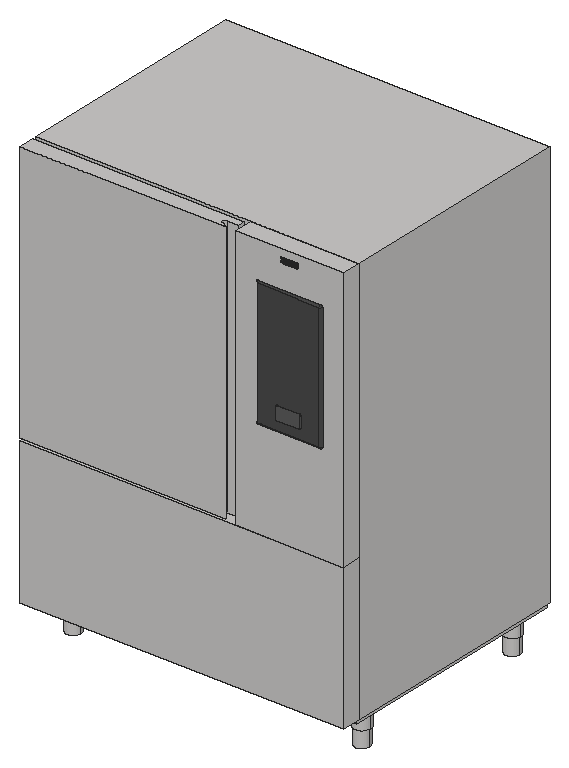
Revit family "QF_ZANUSSI_110549_ZBFA12E", category Specialty Equipment, Revit 2018 (continued)
Automatic sketch dimensions
  Split face 56 sketch curve to Split face 56 sketch curve = 4.974 mm
  Split face 57 sketch curve to Extrusion 4 = 150.022 mm
  Split face 57 sketch curve to Split face 57 sketch curve = 110.016 mm
  Split face 57 sketch curve to Extrusion 4 = 176 mm
  Split face 57 sketch curve to Split face 57 sketch curve = 4.974 mm
  Split face 58 sketch curve to Extrusion 4 = 150.022 mm
  Split face 58 sketch curve to Split face 58 sketch curve = 110.016 mm
  Split face 58 sketch curve to Extrusion 4 = 185.5 mm
  Split face 58 sketch curve to Split face 58 sketch curve = 4.974 mm
  Split face 59 sketch curve to Extrusion 4 = 150.022 mm
  Split face 59 sketch curve to Split face 59 sketch curve = 110.016 mm
  Split face 59 sketch curve to Extrusion 4 = 195 mm
  Split face 59 sketch curve to Split face 59 sketch curve = 4.974 mm
  Split face 60 sketch curve to Extrusion 4 = 150.022 mm
  Split face 60 sketch curve to Split face 60 sketch curve = 110.016 mm
  Split face 60 sketch curve to Extrusion 4 = 204.5 mm
  Split face 60 sketch curve to Split face 60 sketch curve = 4.974 mm
  Split face 61 sketch curve to Extrusion 4 = 150.022 mm
  Split face 61 sketch curve to Split face 61 sketch curve = 110.016 mm
  Split face 61 sketch curve to Extrusion 4 = 214 mm
  Split face 61 sketch curve to Split face 61 sketch curve = 4.974 mm
  Split face 62 sketch curve to Extrusion 4 = 150.022 mm
  Split face 62 sketch curve to Split face 62 sketch curve = 110.016 mm
  Split face 62 sketch curve to Extrusion 4 = 223.5 mm
  Split face 62 sketch curve to Split face 62 sketch curve = 4.974 mm
  Split face 63 sketch curve to Extrusion 4 = 150.022 mm
  Split face 63 sketch curve to Split face 63 sketch curve = 110.016 mm
  Split face 63 sketch curve to Extrusion 4 = 233.001 mm
  Split face 63 sketch curve to Split face 63 sketch curve = 4.974 mm
  Split face 64 sketch curve to Extrusion 4 = 150.022 mm
  Split face 64 sketch curve to Split face 64 sketch curve = 110.016 mm
  Split face 64 sketch curve to Extrusion 4 = 242.501 mm
  Split face 64 sketch curve to Split face 64 sketch curve = 4.974 mm
  Split face 65 sketch curve to Extrusion 4 = 150.022 mm
  Split face 65 sketch curve to Split face 65 sketch curve = 110.016 mm
  Split face 65 sketch curve to Extrusion 4 = 252.001 mm
  Split face 65 sketch curve to Split face 65 sketch curve = 4.974 mm
  Split face 66 sketch curve to Extrusion 4 = 150.022 mm
  Split face 66 sketch curve to Split face 66 sketch curve = 110.016 mm
  Split face 66 sketch curve to Extrusion 4 = 261.501 mm
  Split face 66 sketch curve to Split face 66 sketch curve = 4.974 mm
  Split face 67 sketch curve to Extrusion 4 = 150.022 mm
  Split face 67 sketch curve to Split face 67 sketch curve = 110.016 mm
  Split face 67 sketch curve to Extrusion 4 = 271.001 mm
  Split face 67 sketch curve to Split face 67 sketch curve = 4.974 mm
  Split face 68 sketch curve to Extrusion 4 = 150.022 mm
  Split face 68 sketch curve to Split face 68 sketch curve = 110.016 mm
  Split face 68 sketch curve to Extrusion 4 = 279.479 mm
  Split face 68 sketch curve to Split face 68 sketch curve = 4.974 mm
  Split face 69 sketch curve to Extrusion 4 = 150.022 mm
  Split face 69 sketch curve to Split face 69 sketch curve = 110.016 mm
  Split face 69 sketch curve to Extrusion 4 = 269.979 mm
  Split face 69 sketch curve to Split face 69 sketch curve = 4.974 mm
  Split face 70 sketch curve to Extrusion 4 = 150.022 mm
  Split face 70 sketch curve to Split face 70 sketch curve = 110.016 mm
  Split face 70 sketch curve to Extrusion 4 = 260.479 mm
  Split face 70 sketch curve to Split face 70 sketch curve = 4.974 mm
  Split face 71 sketch curve to Extrusion 4 = 150.022 mm
  Split face 71 sketch curve to Split face 71 sketch curve = 110.016 mm
  Split face 71 sketch curve to Extrusion 4 = 250.978 mm
  Split face 71 sketch curve to Split face 71 sketch curve = 4.974 mm
  Split face 72 sketch curve to Extrusion 4 = 150.022 mm
  Split face 72 sketch curve to Split face 72 sketch curve = 110.016 mm
  Split face 72 sketch curve to Extrusion 4 = 241.478 mm
  Split face 72 sketch curve to Split face 72 sketch curve = 4.974 mm
  Split face 73 sketch curve to Extrusion 4 = 150.022 mm
  Split face 73 sketch curve to Split face 73 sketch curve = 110.016 mm
  Split face 73 sketch curve to Extrusion 4 = 231.978 mm
  Split face 73 sketch curve to Split face 73 sketch curve = 4.974 mm
  Split face 74 sketch curve to Extrusion 4 = 150.022 mm
  Split face 74 sketch curve to Split face 74 sketch curve = 110.016 mm
  Split face 74 sketch curve to Extrusion 4 = 222.478 mm
  Split face 74 sketch curve to Split face 74 sketch curve = 4.974 mm
  Split face 75 sketch curve to Extrusion 4 = 150.022 mm
  Split face 75 sketch curve to Split face 75 sketch curve = 110.016 mm
  Split face 75 sketch curve to Extrusion 4 = 212.978 mm
  Split face 75 sketch curve to Split face 75 sketch curve = 4.974 mm
  Split face 76 sketch curve to Extrusion 4 = 150.022 mm
  Split face 76 sketch curve to Split face 76 sketch curve = 110.016 mm
  Split face 76 sketch curve to Extrusion 4 = 203.478 mm
  Split face 76 sketch curve to Split face 76 sketch curve = 4.974 mm
  Split face 77 sketch curve to Extrusion 4 = 150.022 mm
  Split face 77 sketch curve to Split face 77 sketch curve = 110.016 mm
  Split face 77 sketch curve to Extrusion 4 = 193.978 mm
  Split face 77 sketch curve to Split face 77 sketch curve = 4.974 mm
  Split face 78 sketch curve to Extrusion 4 = 150.022 mm
  Split face 78 sketch curve to Split face 78 sketch curve = 110.016 mm
  Split face 78 sketch curve to Extrusion 4 = 184.478 mm
  Split face 78 sketch curve to Split face 78 sketch curve = 4.974 mm
  Split face 79 sketch curve to Extrusion 4 = 150.022 mm
  Split face 79 sketch curve to Split face 79 sketch curve = 110.016 mm
  Split face 79 sketch curve to Extrusion 4 = 174.978 mm
  Split face 79 sketch curve to Split face 79 sketch curve = 4.974 mm
  Split face 80 sketch curve to Extrusion 4 = 150.022 mm
  Split face 80 sketch curve to Split face 80 sketch curve = 110.016 mm
  Split face 80 sketch curve to Extrusion 4 = 165.478 mm
  Split face 80 sketch curve to Split face 80 sketch curve = 4.974 mm
  Split face 81 sketch curve to Extrusion 4 = 150.022 mm
  Split face 81 sketch curve to Split face 81 sketch curve = 110.016 mm
  Split face 81 sketch curve to Extrusion 4 = 155.978 mm
  Split face 81 sketch curve to Split face 81 sketch curve = 4.974 mm
  Split face 82 sketch curve to Extrusion 4 = 150.022 mm
  Split face 82 sketch curve to Split face 82 sketch curve = 110.016 mm
  Split face 82 sketch curve to Extrusion 4 = 146.478 mm
  Split face 82 sketch curve to Split face 82 sketch curve = 4.974 mm
  Split face 83 sketch curve to Extrusion 4 = 33.499 mm
  Split face 83 sketch curve to Extrusion 4 = 270.014 mm
  Split face 83 sketch curve to Extrusion 4 = 28.525 mm
  Split face 83 sketch curve to Split face 83 sketch curve = 110.016 mm
  Split face 84 sketch curve to Extrusion 4 = 42.999 mm
  Split face 84 sketch curve to Extrusion 4 = 270.014 mm
  Split face 84 sketch curve to Extrusion 4 = 38.025 mm
  Split face 84 sketch curve to Split face 84 sketch curve = 110.016 mm
  Split face 85 sketch curve to Extrusion 4 = 52.499 mm
  Split face 85 sketch curve to Extrusion 4 = 270.014 mm
  Split face 85 sketch curve to Extrusion 4 = 47.525 mm
  Split face 85 sketch curve to Split face 85 sketch curve = 110.016 mm
  Split face 86 sketch curve to Extrusion 4 = 61.999 mm
  Split face 86 sketch curve to Extrusion 4 = 270.014 mm
  Split face 86 sketch curve to Split face 86 sketch curve = 110.016 mm
  Split face 86 sketch curve to Split face 86 sketch curve = 4.974 mm
  Split face 87 sketch curve to Extrusion 4 = 71.499 mm
  Split face 87 sketch curve to Extrusion 4 = 270.014 mm
  Split face 87 sketch curve to Split face 87 sketch curve = 110.016 mm
  Split face 87 sketch curve to Split face 87 sketch curve = 4.974 mm
  Split face 88 sketch curve to Extrusion 4 = 80.999 mm
  Split face 88 sketch curve to Extrusion 4 = 270.014 mm
  Split face 88 sketch curve to Split face 88 sketch curve = 110.016 mm
  Split face 88 sketch curve to Split face 88 sketch curve = 4.974 mm
  Split face 89 sketch curve to Extrusion 4 = 90.499 mm
  Split face 89 sketch curve to Extrusion 4 = 270.014 mm
  Split face 89 sketch curve to Split face 89 sketch curve = 110.016 mm
  Split face 89 sketch curve to Split face 89 sketch curve = 4.974 mm
  Split face 90 sketch curve to Extrusion 4 = 99.999 mm
  Split face 90 sketch curve to Extrusion 4 = 270.014 mm
  Split face 90 sketch curve to Split face 90 sketch curve = 110.016 mm
  Split face 90 sketch curve to Split face 90 sketch curve = 4.974 mm
  Split face 91 sketch curve to Extrusion 4 = 109.499 mm
  Split face 91 sketch curve to Extrusion 4 = 270.014 mm
  Split face 91 sketch curve to Split face 91 sketch curve = 110.016 mm
  Split face 91 sketch curve to Split face 91 sketch curve = 4.974 mm
  Split face 92 sketch curve to Extrusion 4 = 119 mm
  Split face 92 sketch curve to Extrusion 4 = 270.014 mm
  Split face 92 sketch curve to Split face 92 sketch curve = 110.016 mm
  Split face 92 sketch curve to Split face 92 sketch curve = 4.974 mm
  Split face 93 sketch curve to Extrusion 4 = 128.5 mm
  Split face 93 sketch curve to Extrusion 4 = 270.014 mm
  Split face 93 sketch curve to Split face 93 sketch curve = 110.016 mm
  Split face 93 sketch curve to Split face 93 sketch curve = 4.974 mm
  Split face 94 sketch curve to Extrusion 4 = 270.014 mm
  Split face 94 sketch curve to Split face 94 sketch curve = 110.016 mm
  Split face 94 sketch curve to Extrusion 4 = 138 mm
  Split face 94 sketch curve to Split face 94 sketch curve = 4.974 mm
  Split face 95 sketch curve to Extrusion 4 = 270.014 mm
  Split face 95 sketch curve to Split face 95 sketch curve = 110.016 mm
  Split face 95 sketch curve to Extrusion 4 = 147.5 mm
  Split face 95 sketch curve to Split face 95 sketch curve = 4.974 mm
  Split face 96 sketch curve to Extrusion 4 = 270.014 mm
  Split face 96 sketch curve to Split face 96 sketch curve = 110.016 mm
  Split face 96 sketch curve to Extrusion 4 = 157 mm
  Split face 96 sketch curve to Split face 96 sketch curve = 4.974 mm
  Split face 97 sketch curve to Extrusion 4 = 270.014 mm
  Split face 97 sketch curve to Split face 97 sketch curve = 110.016 mm
  Split face 97 sketch curve to Extrusion 4 = 166.5 mm
  Split face 97 sketch curve to Split face 97 sketch curve = 4.974 mm
  Split face 98 sketch curve to Extrusion 4 = 270.014 mm
  Split face 98 sketch curve to Split face 98 sketch curve = 110.016 mm
  Split face 98 sketch curve to Extrusion 4 = 176 mm
  Split face 98 sketch curve to Split face 98 sketch curve = 4.974 mm
  Split face 99 sketch curve to Extrusion 4 = 270.014 mm
  Split face 99 sketch curve to Split face 99 sketch curve = 110.016 mm
  Split face 99 sketch curve to Extrusion 4 = 185.5 mm
  Split face 99 sketch curve to Split face 99 sketch curve = 4.974 mm
  Split face 100 sketch curve to Extrusion 4 = 270.014 mm
  Split face 100 sketch curve to Split face 100 sketch curve = 110.016 mm
  Split face 100 sketch curve to Extrusion 4 = 195 mm
  Split face 100 sketch curve to Split face 100 sketch curve = 4.974 mm
  Split face 101 sketch curve to Extrusion 4 = 270.014 mm
  Split face 101 sketch curve to Split face 101 sketch curve = 110.016 mm
  Split face 101 sketch curve to Extrusion 4 = 204.5 mm
  Split face 101 sketch curve to Split face 101 sketch curve = 4.974 mm
  Split face 102 sketch curve to Extrusion 4 = 270.014 mm
  Split face 102 sketch curve to Split face 102 sketch curve = 110.016 mm
  Split face 102 sketch curve to Extrusion 4 = 214 mm
  Split face 102 sketch curve to Split face 102 sketch curve = 4.974 mm
  Split face 103 sketch curve to Extrusion 4 = 270.014 mm
  Split face 103 sketch curve to Split face 103 sketch curve = 110.016 mm
  Split face 103 sketch curve to Extrusion 4 = 223.5 mm
  Split face 103 sketch curve to Split face 103 sketch curve = 4.974 mm
  Split face 104 sketch curve to Extrusion 4 = 270.014 mm
  Split face 104 sketch curve to Split face 104 sketch curve = 110.016 mm
  Split face 104 sketch curve to Extrusion 4 = 233.001 mm
  Split face 104 sketch curve to Split face 104 sketch curve = 4.974 mm
  Split face 105 sketch curve to Extrusion 4 = 270.014 mm
  Split face 105 sketch curve to Split face 105 sketch curve = 110.016 mm
  Split face 105 sketch curve to Extrusion 4 = 242.501 mm
  Split face 105 sketch curve to Split face 105 sketch curve = 4.974 mm
  Split face 106 sketch curve to Extrusion 4 = 270.014 mm
  Split face 106 sketch curve to Split face 106 sketch curve = 110.016 mm
  Split face 106 sketch curve to Extrusion 4 = 252.001 mm
  Split face 106 sketch curve to Split face 106 sketch curve = 4.974 mm
  Split face 107 sketch curve to Extrusion 4 = 270.014 mm
  Split face 107 sketch curve to Split face 107 sketch curve = 110.016 mm
  Split face 107 sketch curve to Extrusion 4 = 261.501 mm
  Split face 107 sketch curve to Split face 107 sketch curve = 4.974 mm
  Split face 108 sketch curve to Extrusion 4 = 270.014 mm
  Split face 108 sketch curve to Split face 108 sketch curve = 110.016 mm
  Split face 108 sketch curve to Extrusion 4 = 271.001 mm
  Split face 108 sketch curve to Split face 108 sketch curve = 4.974 mm
  Split face 109 sketch curve to Extrusion 4 = 270.014 mm
  Split face 109 sketch curve to Split face 109 sketch curve = 110.016 mm
  Split face 109 sketch curve to Extrusion 4 = 279.479 mm
  Split face 109 sketch curve to Split face 109 sketch curve = 4.974 mm
  Split face 110 sketch curve to Extrusion 4 = 270.014 mm
  Split face 110 sketch curve to Split face 110 sketch curve = 110.016 mm
  Split face 110 sketch curve to Extrusion 4 = 269.979 mm
  Split face 110 sketch curve to Split face 110 sketch curve = 4.974 mm
  Split face 111 sketch curve to Extrusion 4 = 270.014 mm
  Split face 111 sketch curve to Split face 111 sketch curve = 110.016 mm
  Split face 111 sketch curve to Extrusion 4 = 260.479 mm
  Split face 111 sketch curve to Split face 111 sketch curve = 4.974 mm
  Split face 112 sketch curve to Extrusion 4 = 270.014 mm
  Split face 112 sketch curve to Split face 112 sketch curve = 110.016 mm
  Split face 112 sketch curve to Extrusion 4 = 250.978 mm
  Split face 112 sketch curve to Split face 112 sketch curve = 4.974 mm
  Split face 113 sketch curve to Extrusion 4 = 270.014 mm
  Split face 113 sketch curve to Split face 113 sketch curve = 110.016 mm
  Split face 113 sketch curve to Extrusion 4 = 241.478 mm
  Split face 113 sketch curve to Split face 113 sketch curve = 4.974 mm
  Split face 114 sketch curve to Extrusion 4 = 270.014 mm
  Split face 114 sketch curve to Split face 114 sketch curve = 110.016 mm
  Split face 114 sketch curve to Extrusion 4 = 231.978 mm
  Split face 114 sketch curve to Split face 114 sketch curve = 4.974 mm
  Split face 115 sketch curve to Extrusion 4 = 270.014 mm
  Split face 115 sketch curve to Split face 115 sketch curve = 110.016 mm
  Split face 115 sketch curve to Extrusion 4 = 222.478 mm
  Split face 115 sketch curve to Split face 115 sketch curve = 4.974 mm
  Split face 116 sketch curve to Extrusion 4 = 270.014 mm
  Split face 116 sketch curve to Split face 116 sketch curve = 110.016 mm
  Split face 116 sketch curve to Extrusion 4 = 212.978 mm
  Split face 116 sketch curve to Split face 116 sketch curve = 4.974 mm
  Split face 117 sketch curve to Extrusion 4 = 270.014 mm
  Split face 117 sketch curve to Split face 117 sketch curve = 110.016 mm
  Split face 117 sketch curve to Extrusion 4 = 203.478 mm
  Split face 117 sketch curve to Split face 117 sketch curve = 4.974 mm
  Split face 118 sketch curve to Extrusion 4 = 270.014 mm
  Split face 118 sketch curve to Split face 118 sketch curve = 110.016 mm
  Split face 118 sketch curve to Extrusion 4 = 193.978 mm
  Split face 118 sketch curve to Split face 118 sketch curve = 4.974 mm
  Split face 119 sketch curve to Extrusion 4 = 270.014 mm
  Split face 119 sketch curve to Split face 119 sketch curve = 110.016 mm
  Split face 119 sketch curve to Extrusion 4 = 184.478 mm
  Split face 119 sketch curve to Split face 119 sketch curve = 4.974 mm
  Split face 120 sketch curve to Extrusion 4 = 270.014 mm
  Split face 120 sketch curve to Split face 120 sketch curve = 110.016 mm
  Split face 120 sketch curve to Extrusion 4 = 174.978 mm
  Split face 120 sketch curve to Split face 120 sketch curve = 4.974 mm
  Split face 121 sketch curve to Extrusion 4 = 270.014 mm
  Split face 121 sketch curve to Split face 121 sketch curve = 110.016 mm
  Split face 121 sketch curve to Extrusion 4 = 165.478 mm
  Split face 121 sketch curve to Split face 121 sketch curve = 4.974 mm
  Split face 122 sketch curve to Extrusion 4 = 270.014 mm
  Split face 122 sketch curve to Split face 122 sketch curve = 110.016 mm
  Split face 122 sketch curve to Extrusion 4 = 155.978 mm
  Split face 122 sketch curve to Split face 122 sketch curve = 4.974 mm
  Split face 123 sketch curve to Extrusion 4 = 270.014 mm
  Split face 123 sketch curve to Split face 123 sketch curve = 110.016 mm
  Split face 123 sketch curve to Extrusion 4 = 146.478 mm
  Split face 123 sketch curve to Split face 123 sketch curve = 4.974 mm
  Split face 124 sketch curve to Extrusion 4 = 33.499 mm
  Split face 124 sketch curve to Extrusion 4 = 390.005 mm
  Split face 124 sketch curve to Extrusion 4 = 28.525 mm
  Split face 124 sketch curve to Split face 124 sketch curve = 110.016 mm
  Split face 125 sketch curve to Extrusion 4 = 42.999 mm
  Split face 125 sketch curve to Extrusion 4 = 390.005 mm
  Split face 125 sketch curve to Extrusion 4 = 38.025 mm
  Split face 125 sketch curve to Split face 125 sketch curve = 110.016 mm
  Split face 126 sketch curve to Extrusion 4 = 52.499 mm
  Split face 126 sketch curve to Extrusion 4 = 390.005 mm
  Split face 126 sketch curve to Extrusion 4 = 47.525 mm
  Split face 126 sketch curve to Split face 126 sketch curve = 110.016 mm
  Split face 127 sketch curve to Extrusion 4 = 61.999 mm
  Split face 127 sketch curve to Extrusion 4 = 390.005 mm
  Split face 127 sketch curve to Split face 127 sketch curve = 110.016 mm
  Split face 127 sketch curve to Split face 127 sketch curve = 4.974 mm
  Split face 128 sketch curve to Extrusion 4 = 71.499 mm
  Split face 128 sketch curve to Extrusion 4 = 390.005 mm
  Split face 128 sketch curve to Split face 128 sketch curve = 110.016 mm
  Split face 128 sketch curve to Split face 128 sketch curve = 4.974 mm
  Split face 129 sketch curve to Extrusion 4 = 80.999 mm
  Split face 129 sketch curve to Extrusion 4 = 390.005 mm
  Split face 129 sketch curve to Split face 129 sketch curve = 110.016 mm
  Split face 129 sketch curve to Split face 129 sketch curve = 4.974 mm
  Split face 130 sketch curve to Extrusion 4 = 90.499 mm
  Split face 130 sketch curve to Extrusion 4 = 390.005 mm
  Split face 130 sketch curve to Split face 130 sketch curve = 110.016 mm
  Split face 130 sketch curve to Split face 130 sketch curve = 4.974 mm
  Split face 131 sketch curve to Extrusion 4 = 99.999 mm
  Split face 131 sketch curve to Extrusion 4 = 390.005 mm
  Split face 131 sketch curve to Split face 131 sketch curve = 110.016 mm
  Split face 131 sketch curve to Split face 131 sketch curve = 4.974 mm
  Split face 132 sketch curve to Extrusion 4 = 109.499 mm
  Split face 132 sketch curve to Extrusion 4 = 390.005 mm
  Split face 132 sketch curve to Split face 132 sketch curve = 110.016 mm
  Split face 132 sketch curve to Split face 132 sketch curve = 4.974 mm
  Split face 133 sketch curve to Extrusion 4 = 119 mm
  Split face 133 sketch curve to Extrusion 4 = 390.005 mm
  Split face 133 sketch curve to Split face 133 sketch curve = 110.016 mm
  Split face 133 sketch curve to Split face 133 sketch curve = 4.974 mm
  Split face 134 sketch curve to Extrusion 4 = 128.5 mm
  Split face 134 sketch curve to Extrusion 4 = 390.005 mm
  Split face 134 sketch curve to Split face 134 sketch curve = 110.016 mm
  Split face 134 sketch curve to Split face 134 sketch curve = 4.974 mm
  Split face 135 sketch curve to Extrusion 4 = 138 mm
  Split face 135 sketch curve to Extrusion 4 = 390.005 mm
  Split face 135 sketch curve to Split face 135 sketch curve = 110.016 mm
  Split face 135 sketch curve to Split face 135 sketch curve = 4.974 mm
  Split face 136 sketch curve to Extrusion 4 = 147.5 mm
  Split face 136 sketch curve to Extrusion 4 = 390.005 mm
  Split face 136 sketch curve to Split face 136 sketch curve = 110.016 mm
  Split face 136 sketch curve to Split face 136 sketch curve = 4.974 mm
  Split face 137 sketch curve to Extrusion 4 = 157 mm
  Split face 137 sketch curve to Extrusion 4 = 390.005 mm
  Split face 137 sketch curve to Split face 137 sketch curve = 110.016 mm
  Split face 137 sketch curve to Split face 137 sketch curve = 4.974 mm
  Split face 138 sketch curve to Extrusion 4 = 166.5 mm
  Split face 138 sketch curve to Extrusion 4 = 390.005 mm
  Split face 138 sketch curve to Split face 138 sketch curve = 110.016 mm
  Split face 138 sketch curve to Split face 138 sketch curve = 4.974 mm
  Split face 139 sketch curve to Extrusion 4 = 176 mm
  Split face 139 sketch curve to Extrusion 4 = 390.005 mm
  Split face 139 sketch curve to Split face 139 sketch curve = 110.016 mm
  Split face 139 sketch curve to Split face 139 sketch curve = 4.974 mm
  Split face 140 sketch curve to Extrusion 4 = 185.5 mm
  Split face 140 sketch curve to Extrusion 4 = 390.005 mm
  Split face 140 sketch curve to Split face 140 sketch curve = 110.016 mm
  Split face 140 sketch curve to Split face 140 sketch curve = 4.974 mm
  Split face 141 sketch curve to Extrusion 4 = 195 mm
  Split face 141 sketch curve to Extrusion 4 = 390.005 mm
  Split face 141 sketch curve to Split face 141 sketch curve = 110.016 mm
  Split face 141 sketch curve to Split face 141 sketch curve = 4.974 mm
  Split face 142 sketch curve to Extrusion 4 = 390.005 mm
  Split face 142 sketch curve to Split face 142 sketch curve = 110.016 mm
  Split face 142 sketch curve to Extrusion 4 = 204.5 mm
  Split face 142 sketch curve to Split face 142 sketch curve = 4.974 mm
  Split face 143 sketch curve to Extrusion 4 = 390.005 mm
  Split face 143 sketch curve to Split face 143 sketch curve = 110.016 mm
  Split face 143 sketch curve to Extrusion 4 = 214 mm
  Split face 143 sketch curve to Split face 143 sketch curve = 4.974 mm
  Split face 144 sketch curve to Extrusion 4 = 390.005 mm
  Split face 144 sketch curve to Split face 144 sketch curve = 110.016 mm
  Split face 144 sketch curve to Extrusion 4 = 223.5 mm
  Split face 144 sketch curve to Split face 144 sketch curve = 4.974 mm
  Split face 145 sketch curve to Extrusion 4 = 390.005 mm
  Split face 145 sketch curve to Split face 145 sketch curve = 110.016 mm
  Split face 145 sketch curve to Extrusion 4 = 233.001 mm
  Split face 145 sketch curve to Split face 145 sketch curve = 4.974 mm
  Split face 146 sketch curve to Extrusion 4 = 390.005 mm
  Split face 146 sketch curve to Split face 146 sketch curve = 110.016 mm
  Split face 146 sketch curve to Extrusion 4 = 242.501 mm
  Split face 146 sketch curve to Split face 146 sketch curve = 4.974 mm
  Split face 147 sketch curve to Extrusion 4 = 390.005 mm
  Split face 147 sketch curve to Split face 147 sketch curve = 110.016 mm
  Split face 147 sketch curve to Extrusion 4 = 252.001 mm
  Split face 147 sketch curve to Split face 147 sketch curve = 4.974 mm
  Split face 148 sketch curve to Extrusion 4 = 390.005 mm
  Split face 148 sketch curve to Split face 148 sketch curve = 110.016 mm
  Split face 148 sketch curve to Extrusion 4 = 261.501 mm
  Split face 148 sketch curve to Split face 148 sketch curve = 4.974 mm
  Split face 149 sketch curve to Extrusion 4 = 390.005 mm
  Split face 149 sketch curve to Split face 149 sketch curve = 110.016 mm
  Split face 149 sketch curve to Extrusion 4 = 271.001 mm
  Split face 149 sketch curve to Split face 149 sketch curve = 4.974 mm
  Split face 150 sketch curve to Extrusion 4 = 390.005 mm
  Split face 150 sketch curve to Split face 150 sketch curve = 110.016 mm
  Split face 150 sketch curve to Extrusion 4 = 279.479 mm
  Split face 150 sketch curve to Split face 150 sketch curve = 4.974 mm
  Split face 151 sketch curve to Extrusion 4 = 390.005 mm
  Split face 151 sketch curve to Split face 151 sketch curve = 110.016 mm
  Split face 151 sketch curve to Extrusion 4 = 269.979 mm
  Split face 151 sketch curve to Split face 151 sketch curve = 4.974 mm
  Split face 152 sketch curve to Extrusion 4 = 390.005 mm
  Split face 152 sketch curve to Split face 152 sketch curve = 110.016 mm
  Split face 152 sketch curve to Extrusion 4 = 260.479 mm
  Split face 152 sketch curve to Split face 152 sketch curve = 4.974 mm
  Split face 153 sketch curve to Extrusion 4 = 390.005 mm
  Split face 153 sketch curve to Split face 153 sketch curve = 110.016 mm
  Split face 153 sketch curve to Extrusion 4 = 250.978 mm
  Split face 153 sketch curve to Split face 153 sketch curve = 4.974 mm
  Split face 154 sketch curve to Extrusion 4 = 390.005 mm
  Split face 154 sketch curve to Split face 154 sketch curve = 110.016 mm
  Split face 154 sketch curve to Extrusion 4 = 241.478 mm
  Split face 154 sketch curve to Split face 154 sketch curve = 4.974 mm
  Split face 155 sketch curve to Extrusion 4 = 390.005 mm
  Split face 155 sketch curve to Split face 155 sketch curve = 110.016 mm
  Split face 155 sketch curve to Extrusion 4 = 231.978 mm
  Split face 155 sketch curve to Split face 155 sketch curve = 4.974 mm
  Split face 156 sketch curve to Extrusion 4 = 390.005 mm
  Split face 156 sketch curve to Split face 156 sketch curve = 110.016 mm
  Split face 156 sketch curve to Extrusion 4 = 222.478 mm
  Split face 156 sketch curve to Split face 156 sketch curve = 4.974 mm
  Split face 157 sketch curve to Extrusion 4 = 390.005 mm
  Split face 157 sketch curve to Split face 157 sketch curve = 110.016 mm
  Split face 157 sketch curve to Extrusion 4 = 212.978 mm
  Split face 157 sketch curve to Split face 157 sketch curve = 4.974 mm
  Split face 158 sketch curve to Extrusion 4 = 390.005 mm
  Split face 158 sketch curve to Split face 158 sketch curve = 110.016 mm
  Split face 158 sketch curve to Extrusion 4 = 203.478 mm
  Split face 158 sketch curve to Split face 158 sketch curve = 4.974 mm
  Split face 159 sketch curve to Extrusion 4 = 193.978 mm
  Split face 159 sketch curve to Extrusion 4 = 390.005 mm
  Split face 159 sketch curve to Split face 159 sketch curve = 110.016 mm
  Split face 159 sketch curve to Split face 159 sketch curve = 4.974 mm
  Split face 160 sketch curve to Extrusion 4 = 184.478 mm
  Split face 160 sketch curve to Extrusion 4 = 390.005 mm
  Split face 160 sketch curve to Split face 160 sketch curve = 110.016 mm
  Split face 160 sketch curve to Split face 160 sketch curve = 4.974 mm
  Split face 161 sketch curve to Extrusion 4 = 174.978 mm
  Split face 161 sketch curve to Extrusion 4 = 390.005 mm
  Split face 161 sketch curve to Split face 161 sketch curve = 110.016 mm
  Split face 161 sketch curve to Split face 161 sketch curve = 4.974 mm
  Split face 162 sketch curve to Extrusion 4 = 165.478 mm
  Split face 162 sketch curve to Extrusion 4 = 390.005 mm
  Split face 162 sketch curve to Split face 162 sketch curve = 110.016 mm
  Split face 162 sketch curve to Split face 162 sketch curve = 4.974 mm
  Split face 163 sketch curve to Extrusion 4 = 155.978 mm
  Split face 163 sketch curve to Extrusion 4 = 390.005 mm
  Split face 163 sketch curve to Split face 163 sketch curve = 110.016 mm
  Split face 163 sketch curve to Split face 163 sketch curve = 4.974 mm
  Split face 164 sketch curve to Extrusion 4 = 146.478 mm
  Split face 164 sketch curve to Extrusion 4 = 390.005 mm
  Split face 164 sketch curve to Split face 164 sketch curve = 110.016 mm
  Split face 164 sketch curve to Split face 164 sketch curve = 4.974 mm
  Split face 165 sketch curve to Extrusion 4 = 33.499 mm
  Split face 165 sketch curve to Extrusion 4 = 380.03 mm
  Split face 165 sketch curve to Extrusion 4 = 28.525 mm
  Split face 165 sketch curve to Split face 165 sketch curve = 110.016 mm
  Split face 166 sketch curve to Extrusion 4 = 42.999 mm
  Split face 166 sketch curve to Extrusion 4 = 380.03 mm
  Split face 166 sketch curve to Extrusion 4 = 38.025 mm
  Split face 166 sketch curve to Split face 166 sketch curve = 110.016 mm
  Split face 167 sketch curve to Extrusion 4 = 52.499 mm
  Split face 167 sketch curve to Extrusion 4 = 380.03 mm
  Split face 167 sketch curve to Extrusion 4 = 47.525 mm
  Split face 167 sketch curve to Split face 167 sketch curve = 110.016 mm
  Split face 168 sketch curve to Extrusion 4 = 61.999 mm
  Split face 168 sketch curve to Extrusion 4 = 380.03 mm
  Split face 168 sketch curve to Split face 168 sketch curve = 110.016 mm
  Split face 168 sketch curve to Split face 168 sketch curve = 4.974 mm
  Split face 169 sketch curve to Extrusion 4 = 71.499 mm
  Split face 169 sketch curve to Extrusion 4 = 380.03 mm
  Split face 169 sketch curve to Split face 169 sketch curve = 110.016 mm
  Split face 169 sketch curve to Split face 169 sketch curve = 4.974 mm
  Split face 170 sketch curve to Extrusion 4 = 80.999 mm
  Split face 170 sketch curve to Extrusion 4 = 380.03 mm
  Split face 170 sketch curve to Split face 170 sketch curve = 110.016 mm
  Split face 170 sketch curve to Split face 170 sketch curve = 4.974 mm
  Split face 171 sketch curve to Extrusion 4 = 90.499 mm
  Split face 171 sketch curve to Extrusion 4 = 380.03 mm
  Split face 171 sketch curve to Split face 171 sketch curve = 110.016 mm
  Split face 171 sketch curve to Split face 171 sketch curve = 4.974 mm
  Split face 172 sketch curve to Extrusion 4 = 99.999 mm
  Split face 172 sketch curve to Extrusion 4 = 380.03 mm
  Split face 172 sketch curve to Split face 172 sketch curve = 110.016 mm
  Split face 172 sketch curve to Split face 172 sketch curve = 4.974 mm
  Split face 173 sketch curve to Extrusion 4 = 109.499 mm
  Split face 173 sketch curve to Extrusion 4 = 380.03 mm
  Split face 173 sketch curve to Split face 173 sketch curve = 110.016 mm
  Split face 173 sketch curve to Split face 173 sketch curve = 4.974 mm
  Split face 174 sketch curve to Extrusion 4 = 119 mm
  Split face 174 sketch curve to Extrusion 4 = 380.03 mm
  Split face 174 sketch curve to Split face 174 sketch curve = 110.016 mm
  Split face 174 sketch curve to Split face 174 sketch curve = 4.974 mm
  Split face 175 sketch curve to Extrusion 4 = 128.5 mm
  Split face 175 sketch curve to Extrusion 4 = 380.03 mm
  Split face 175 sketch curve to Split face 175 sketch curve = 110.016 mm
  Split face 175 sketch curve to Split face 175 sketch curve = 4.974 mm
  Split face 176 sketch curve to Extrusion 4 = 138 mm
  Split face 176 sketch curve to Extrusion 4 = 380.03 mm
  Split face 176 sketch curve to Split face 176 sketch curve = 110.016 mm
  Split face 176 sketch curve to Split face 176 sketch curve = 4.974 mm
  Split face 177 sketch curve to Extrusion 4 = 147.5 mm
  Split face 177 sketch curve to Extrusion 4 = 380.03 mm
  Split face 177 sketch curve to Split face 177 sketch curve = 110.016 mm
  Split face 177 sketch curve to Split face 177 sketch curve = 4.974 mm
  Split face 178 sketch curve to Extrusion 4 = 157 mm
  Split face 178 sketch curve to Extrusion 4 = 380.03 mm
  Split face 178 sketch curve to Split face 178 sketch curve = 110.016 mm
  Split face 178 sketch curve to Split face 178 sketch curve = 4.974 mm
  Split face 179 sketch curve to Extrusion 4 = 166.5 mm
  Split face 179 sketch curve to Extrusion 4 = 380.03 mm
  Split face 179 sketch curve to Split face 179 sketch curve = 110.016 mm
  Split face 179 sketch curve to Split face 179 sketch curve = 4.974 mm
  Split face 180 sketch curve to Extrusion 4 = 176 mm
  Split face 180 sketch curve to Extrusion 4 = 380.03 mm
  Split face 180 sketch curve to Split face 180 sketch curve = 110.016 mm
  Split face 180 sketch curve to Split face 180 sketch curve = 4.974 mm
  Split face 181 sketch curve to Extrusion 4 = 185.5 mm
  Split face 181 sketch curve to Extrusion 4 = 380.03 mm
  Split face 181 sketch curve to Split face 181 sketch curve = 110.016 mm
  Split face 181 sketch curve to Split face 181 sketch curve = 4.974 mm
  Split face 182 sketch curve to Extrusion 4 = 380.03 mm
  Split face 182 sketch curve to Split face 182 sketch curve = 110.016 mm
  Split face 182 sketch curve to Extrusion 4 = 195 mm
  Split face 182 sketch curve to Split face 182 sketch curve = 4.974 mm
  Split face 183 sketch curve to Extrusion 4 = 380.03 mm
  Split face 183 sketch curve to Split face 183 sketch curve = 110.016 mm
  Split face 183 sketch curve to Extrusion 4 = 204.5 mm
  Split face 183 sketch curve to Split face 183 sketch curve = 4.974 mm
  Split face 184 sketch curve to Extrusion 4 = 380.03 mm
  Split face 184 sketch curve to Split face 184 sketch curve = 110.016 mm
  Split face 184 sketch curve to Extrusion 4 = 214 mm
  Split face 184 sketch curve to Split face 184 sketch curve = 4.974 mm
  Split face 185 sketch curve to Extrusion 4 = 380.03 mm
  Split face 185 sketch curve to Split face 185 sketch curve = 110.016 mm
  Split face 185 sketch curve to Extrusion 4 = 223.5 mm
  Split face 185 sketch curve to Split face 185 sketch curve = 4.974 mm
  Split face 186 sketch curve to Extrusion 4 = 380.03 mm
  Split face 186 sketch curve to Split face 186 sketch curve = 110.016 mm
  Split face 186 sketch curve to Extrusion 4 = 233.001 mm
  Split face 186 sketch curve to Split face 186 sketch curve = 4.974 mm
  Split face 187 sketch curve to Extrusion 4 = 380.03 mm
  Split face 187 sketch curve to Split face 187 sketch curve = 110.016 mm
  Split face 187 sketch curve to Extrusion 4 = 242.501 mm
  Split face 187 sketch curve to Split face 187 sketch curve = 4.974 mm
  Split face 188 sketch curve to Extrusion 4 = 380.03 mm
  Split face 188 sketch curve to Split face 188 sketch curve = 110.016 mm
  Split face 188 sketch curve to Extrusion 4 = 252.001 mm
  Split face 188 sketch curve to Split face 188 sketch curve = 4.974 mm
  Split face 189 sketch curve to Extrusion 4 = 380.03 mm
  Split face 189 sketch curve to Split face 189 sketch curve = 110.016 mm
  Split face 189 sketch curve to Extrusion 4 = 261.501 mm
  Split face 189 sketch curve to Split face 189 sketch curve = 4.974 mm
  Split face 190 sketch curve to Extrusion 4 = 380.03 mm
  Split face 190 sketch curve to Split face 190 sketch curve = 110.016 mm
  Split face 190 sketch curve to Extrusion 4 = 271.001 mm
  Split face 190 sketch curve to Split face 190 sketch curve = 4.974 mm
  Split face 191 sketch curve to Extrusion 4 = 380.03 mm
  Split face 191 sketch curve to Split face 191 sketch curve = 110.016 mm
  Split face 191 sketch curve to Extrusion 4 = 279.479 mm
  Split face 191 sketch curve to Split face 191 sketch curve = 4.974 mm
  Split face 192 sketch curve to Extrusion 4 = 380.03 mm
  Split face 192 sketch curve to Split face 192 sketch curve = 110.016 mm
  Split face 192 sketch curve to Extrusion 4 = 269.979 mm
  Split face 192 sketch curve to Split face 192 sketch curve = 4.974 mm
  Split face 193 sketch curve to Extrusion 4 = 380.03 mm
  Split face 193 sketch curve to Split face 193 sketch curve = 110.016 mm
  Split face 193 sketch curve to Extrusion 4 = 260.479 mm
  Split face 193 sketch curve to Split face 193 sketch curve = 4.974 mm
  Split face 194 sketch curve to Extrusion 4 = 380.03 mm
  Split face 194 sketch curve to Split face 194 sketch curve = 110.016 mm
  Split face 194 sketch curve to Extrusion 4 = 250.978 mm
  Split face 194 sketch curve to Split face 194 sketch curve = 4.974 mm
  Split face 195 sketch curve to Extrusion 4 = 380.03 mm
  Split face 195 sketch curve to Split face 195 sketch curve = 110.016 mm
  Split face 195 sketch curve to Extrusion 4 = 241.478 mm
  Split face 195 sketch curve to Split face 195 sketch curve = 4.974 mm
  Split face 196 sketch curve to Extrusion 4 = 380.03 mm
  Split face 196 sketch curve to Split face 196 sketch curve = 110.016 mm
  Split face 196 sketch curve to Extrusion 4 = 231.978 mm
  Split face 196 sketch curve to Split face 196 sketch curve = 4.974 mm
  Split face 197 sketch curve to Extrusion 4 = 380.03 mm
  Split face 197 sketch curve to Split face 197 sketch curve = 110.016 mm
  Split face 197 sketch curve to Extrusion 4 = 222.478 mm
  Split face 197 sketch curve to Split face 197 sketch curve = 4.974 mm
  Split face 198 sketch curve to Extrusion 4 = 380.03 mm
  Split face 198 sketch curve to Split face 198 sketch curve = 110.016 mm
  Split face 198 sketch curve to Extrusion 4 = 212.978 mm
  Split face 198 sketch curve to Split face 198 sketch curve = 4.974 mm
  Split face 199 sketch curve to Extrusion 4 = 380.03 mm
  Split face 199 sketch curve to Split face 199 sketch curve = 110.016 mm
  Split face 199 sketch curve to Extrusion 4 = 203.478 mm
  Split face 199 sketch curve to Split face 199 sketch curve = 4.974 mm
  Split face 200 sketch curve to Extrusion 4 = 380.03 mm
  Split face 200 sketch curve to Split face 200 sketch curve = 110.016 mm
  Split face 200 sketch curve to Extrusion 4 = 193.978 mm
  Split face 200 sketch curve to Split face 200 sketch curve = 4.974 mm
  Split face 201 sketch curve to Extrusion 4 = 184.478 mm
  Split face 201 sketch curve to Extrusion 4 = 380.03 mm
  Split face 201 sketch curve to Split face 201 sketch curve = 110.016 mm
  Split face 201 sketch curve to Split face 201 sketch curve = 4.974 mm
  Split face 202 sketch curve to Extrusion 4 = 174.978 mm
  Split face 202 sketch curve to Extrusion 4 = 380.03 mm
  Split face 202 sketch curve to Split face 202 sketch curve = 110.016 mm
  Split face 202 sketch curve to Split face 202 sketch curve = 4.974 mm
  Split face 203 sketch curve to Extrusion 4 = 165.478 mm
  Split face 203 sketch curve to Extrusion 4 = 380.03 mm
  Split face 203 sketch curve to Split face 203 sketch curve = 110.016 mm
  Split face 203 sketch curve to Split face 203 sketch curve = 4.974 mm
  Split face 204 sketch curve to Extrusion 4 = 155.978 mm
  Split face 204 sketch curve to Extrusion 4 = 380.03 mm
  Split face 204 sketch curve to Split face 204 sketch curve = 110.016 mm
  Split face 204 sketch curve to Split face 204 sketch curve = 4.974 mm
  Split face 205 sketch curve to Extrusion 4 = 146.478 mm
  Split face 205 sketch curve to Extrusion 4 = 380.03 mm
  Split face 205 sketch curve to Split face 205 sketch curve = 110.016 mm
  Split face 205 sketch curve to Split face 205 sketch curve = 4.974 mm
  Split face 206 sketch curve to Extrusion 4 = 33.499 mm
  Split face 206 sketch curve to Extrusion 4 = 260.039 mm
  Split face 206 sketch curve to Extrusion 4 = 28.525 mm
  Split face 206 sketch curve to Split face 206 sketch curve = 110.016 mm
  Split face 207 sketch curve to Extrusion 4 = 42.999 mm
  Split face 207 sketch curve to Extrusion 4 = 260.039 mm
  Split face 207 sketch curve to Extrusion 4 = 38.025 mm
  Split face 207 sketch curve to Split face 207 sketch curve = 110.016 mm
  Split face 208 sketch curve to Extrusion 4 = 52.499 mm
  Split face 208 sketch curve to Extrusion 4 = 260.039 mm
  Split face 208 sketch curve to Extrusion 4 = 47.525 mm
  Split face 208 sketch curve to Split face 208 sketch curve = 110.016 mm
  Split face 209 sketch curve to Extrusion 4 = 61.999 mm
  Split face 209 sketch curve to Extrusion 4 = 260.039 mm
  Split face 209 sketch curve to Split face 209 sketch curve = 110.016 mm
  Split face 209 sketch curve to Split face 209 sketch curve = 4.974 mm
  Split face 210 sketch curve to Extrusion 4 = 71.499 mm
  Split face 210 sketch curve to Extrusion 4 = 260.039 mm
  Split face 210 sketch curve to Split face 210 sketch curve = 110.016 mm
  Split face 210 sketch curve to Split face 210 sketch curve = 4.974 mm
  Split face 211 sketch curve to Extrusion 4 = 80.999 mm
  Split face 211 sketch curve to Extrusion 4 = 260.039 mm
  Split face 211 sketch curve to Split face 211 sketch curve = 110.016 mm
  Split face 211 sketch curve to Split face 211 sketch curve = 4.974 mm
  Split face 212 sketch curve to Extrusion 4 = 90.499 mm
  Split face 212 sketch curve to Extrusion 4 = 260.039 mm
  Split face 212 sketch curve to Split face 212 sketch curve = 110.016 mm
  Split face 212 sketch curve to Split face 212 sketch curve = 4.974 mm
  Split face 213 sketch curve to Extrusion 4 = 99.999 mm
  Split face 213 sketch curve to Extrusion 4 = 260.039 mm
  Split face 213 sketch curve to Split face 213 sketch curve = 110.016 mm
  Split face 213 sketch curve to Split face 213 sketch curve = 4.974 mm
  Split face 214 sketch curve to Extrusion 4 = 109.499 mm
  Split face 214 sketch curve to Extrusion 4 = 260.039 mm
  Split face 214 sketch curve to Split face 214 sketch curve = 110.016 mm
  Split face 214 sketch curve to Split face 214 sketch curve = 4.974 mm
  Split face 215 sketch curve to Extrusion 4 = 119 mm
  Split face 215 sketch curve to Extrusion 4 = 260.039 mm
  Split face 215 sketch curve to Split face 215 sketch curve = 110.016 mm
  Split face 215 sketch curve to Split face 215 sketch curve = 4.974 mm
  Split face 216 sketch curve to Extrusion 4 = 128.5 mm
  Split face 216 sketch curve to Extrusion 4 = 260.039 mm
  Split face 216 sketch curve to Split face 216 sketch curve = 110.016 mm
  Split face 216 sketch curve to Split face 216 sketch curve = 4.974 mm
  Split face 217 sketch curve to Extrusion 4 = 260.039 mm
  Split face 217 sketch curve to Split face 217 sketch curve = 110.016 mm
  Split face 217 sketch curve to Extrusion 4 = 138 mm
  Split face 217 sketch curve to Split face 217 sketch curve = 4.974 mm
  Split face 218 sketch curve to Extrusion 4 = 260.039 mm
  Split face 218 sketch curve to Split face 218 sketch curve = 110.016 mm
  Split face 218 sketch curve to Extrusion 4 = 147.5 mm
  Split face 218 sketch curve to Split face 218 sketch curve = 4.974 mm
  Split face 219 sketch curve to Extrusion 4 = 260.039 mm
  Split face 219 sketch curve to Split face 219 sketch curve = 110.016 mm
  Split face 219 sketch curve to Extrusion 4 = 157 mm
  Split face 219 sketch curve to Split face 219 sketch curve = 4.974 mm
  Split face 220 sketch curve to Extrusion 4 = 260.039 mm
  Split face 220 sketch curve to Split face 220 sketch curve = 110.016 mm
  Split face 220 sketch curve to Extrusion 4 = 166.5 mm
  Split face 220 sketch curve to Split face 220 sketch curve = 4.974 mm
  Split face 221 sketch curve to Extrusion 4 = 260.039 mm
  Split face 221 sketch curve to Split face 221 sketch curve = 110.016 mm
  Split face 221 sketch curve to Extrusion 4 = 176 mm
  Split face 221 sketch curve to Split face 221 sketch curve = 4.974 mm
  Split face 222 sketch curve to Extrusion 4 = 260.039 mm
  Split face 222 sketch curve to Split face 222 sketch curve = 110.016 mm
  Split face 222 sketch curve to Extrusion 4 = 185.5 mm
  Split face 222 sketch curve to Split face 222 sketch curve = 4.974 mm
  Split face 223 sketch curve to Extrusion 4 = 260.039 mm
  Split face 223 sketch curve to Split face 223 sketch curve = 110.016 mm
  Split face 223 sketch curve to Extrusion 4 = 195 mm
  Split face 223 sketch curve to Split face 223 sketch curve = 4.974 mm
  Split face 224 sketch curve to Extrusion 4 = 260.039 mm
  Split face 224 sketch curve to Split face 224 sketch curve = 110.016 mm
  Split face 224 sketch curve to Extrusion 4 = 204.5 mm
  Split face 224 sketch curve to Split face 224 sketch curve = 4.974 mm
  Split face 225 sketch curve to Extrusion 4 = 260.039 mm
  Split face 225 sketch curve to Split face 225 sketch curve = 110.016 mm
  Split face 225 sketch curve to Extrusion 4 = 214 mm
  Split face 225 sketch curve to Split face 225 sketch curve = 4.974 mm
  Split face 226 sketch curve to Extrusion 4 = 260.039 mm
  Split face 226 sketch curve to Split face 226 sketch curve = 110.016 mm
  Split face 226 sketch curve to Extrusion 4 = 223.5 mm
  Split face 226 sketch curve to Split face 226 sketch curve = 4.974 mm
  Split face 227 sketch curve to Extrusion 4 = 260.039 mm
  Split face 227 sketch curve to Split face 227 sketch curve = 110.016 mm
  Split face 227 sketch curve to Extrusion 4 = 233.001 mm
  Split face 227 sketch curve to Split face 227 sketch curve = 4.974 mm
  Split face 228 sketch curve to Extrusion 4 = 260.039 mm
  Split face 228 sketch curve to Split face 228 sketch curve = 110.016 mm
  Split face 228 sketch curve to Extrusion 4 = 242.501 mm
  Split face 228 sketch curve to Split face 228 sketch curve = 4.974 mm
  Split face 229 sketch curve to Extrusion 4 = 260.039 mm
  Split face 229 sketch curve to Split face 229 sketch curve = 110.016 mm
  Split face 229 sketch curve to Extrusion 4 = 252.001 mm
  Split face 229 sketch curve to Split face 229 sketch curve = 4.974 mm
  Split face 230 sketch curve to Extrusion 4 = 260.039 mm
  Split face 230 sketch curve to Split face 230 sketch curve = 110.016 mm
  Split face 230 sketch curve to Extrusion 4 = 261.501 mm
  Split face 230 sketch curve to Split face 230 sketch curve = 4.974 mm
  Split face 231 sketch curve to Extrusion 4 = 260.039 mm
  Split face 231 sketch curve to Split face 231 sketch curve = 110.016 mm
  Split face 231 sketch curve to Extrusion 4 = 271.001 mm
  Split face 231 sketch curve to Split face 231 sketch curve = 4.974 mm
  Split face 232 sketch curve to Extrusion 4 = 260.039 mm
  Split face 232 sketch curve to Split face 232 sketch curve = 110.016 mm
  Split face 232 sketch curve to Extrusion 4 = 279.479 mm
  Split face 232 sketch curve to Split face 232 sketch curve = 4.974 mm
  Split face 233 sketch curve to Extrusion 4 = 260.039 mm
  Split face 233 sketch curve to Split face 233 sketch curve = 110.016 mm
  Split face 233 sketch curve to Extrusion 4 = 269.979 mm
  Split face 233 sketch curve to Split face 233 sketch curve = 4.974 mm
  Split face 234 sketch curve to Extrusion 4 = 260.039 mm
  Split face 234 sketch curve to Split face 234 sketch curve = 110.016 mm
  Split face 234 sketch curve to Extrusion 4 = 260.479 mm
  Split face 234 sketch curve to Split face 234 sketch curve = 4.974 mm
  Split face 235 sketch curve to Extrusion 4 = 260.039 mm
  Split face 235 sketch curve to Split face 235 sketch curve = 110.016 mm
  Split face 235 sketch curve to Extrusion 4 = 250.978 mm
  Split face 235 sketch curve to Split face 235 sketch curve = 4.974 mm
  Split face 236 sketch curve to Extrusion 4 = 260.039 mm
  Split face 236 sketch curve to Split face 236 sketch curve = 110.016 mm
  Split face 236 sketch curve to Extrusion 4 = 241.478 mm
  Split face 236 sketch curve to Split face 236 sketch curve = 4.974 mm
  Split face 237 sketch curve to Extrusion 4 = 260.039 mm
  Split face 237 sketch curve to Split face 237 sketch curve = 110.016 mm
  Split face 237 sketch curve to Extrusion 4 = 231.978 mm
  Split face 237 sketch curve to Split face 237 sketch curve = 4.974 mm
  Split face 238 sketch curve to Extrusion 4 = 260.039 mm
  Split face 238 sketch curve to Split face 238 sketch curve = 110.016 mm
  Split face 238 sketch curve to Extrusion 4 = 222.478 mm
  Split face 238 sketch curve to Split face 238 sketch curve = 4.974 mm
  Split face 239 sketch curve to Extrusion 4 = 260.039 mm
  Split face 239 sketch curve to Split face 239 sketch curve = 110.016 mm
  Split face 239 sketch curve to Extrusion 4 = 212.978 mm
  Split face 239 sketch curve to Split face 239 sketch curve = 4.974 mm
  Split face 240 sketch curve to Extrusion 4 = 260.039 mm
  Split face 240 sketch curve to Split face 240 sketch curve = 110.016 mm
  Split face 240 sketch curve to Extrusion 4 = 203.478 mm
  Split face 240 sketch curve to Split face 240 sketch curve = 4.974 mm
  Split face 241 sketch curve to Extrusion 4 = 260.039 mm
  Split face 241 sketch curve to Split face 241 sketch curve = 110.016 mm
  Split face 241 sketch curve to Extrusion 4 = 193.978 mm
  Split face 241 sketch curve to Split face 241 sketch curve = 4.974 mm
  Split face 242 sketch curve to Extrusion 4 = 260.039 mm
  Split face 242 sketch curve to Split face 242 sketch curve = 110.016 mm
  Split face 242 sketch curve to Extrusion 4 = 184.478 mm
  Split face 242 sketch curve to Split face 242 sketch curve = 4.974 mm
  Split face 243 sketch curve to Extrusion 4 = 260.039 mm
  Split face 243 sketch curve to Split face 243 sketch curve = 110.016 mm
  Split face 243 sketch curve to Extrusion 4 = 174.978 mm
  Split face 243 sketch curve to Split face 243 sketch curve = 4.974 mm
  Split face 244 sketch curve to Extrusion 4 = 260.039 mm
  Split face 244 sketch curve to Split face 244 sketch curve = 110.016 mm
  Split face 244 sketch curve to Extrusion 4 = 165.478 mm
  Split face 244 sketch curve to Split face 244 sketch curve = 4.974 mm
  Split face 245 sketch curve to Extrusion 4 = 260.039 mm
  Split face 245 sketch curve to Split face 245 sketch curve = 110.016 mm
  Split face 245 sketch curve to Extrusion 4 = 155.978 mm
  Split face 245 sketch curve to Split face 245 sketch curve = 4.974 mm
  Split face 246 sketch curve to Extrusion 4 = 260.039 mm
  Split face 246 sketch curve to Split face 246 sketch curve = 110.016 mm
  Split face 246 sketch curve to Extrusion 4 = 146.478 mm
  Split face 246 sketch curve to Split face 246 sketch curve = 4.974 mm
  Split face 247 sketch curve to Extrusion 4 = 33.499 mm
  Split face 247 sketch curve to Extrusion 4 = 140.047 mm
  Split face 247 sketch curve to Extrusion 4 = 30.031 mm
  Split face 247 sketch curve to Split face 247 sketch curve = 4.974 mm
  Split face 248 sketch curve to Extrusion 4 = 42.999 mm
  Split face 248 sketch curve to Extrusion 4 = 140.047 mm
  Split face 248 sketch curve to Extrusion 4 = 30.031 mm
  Split face 248 sketch curve to Split face 248 sketch curve = 4.974 mm
  Split face 249 sketch curve to Extrusion 4 = 52.499 mm
  Split face 249 sketch curve to Extrusion 4 = 140.047 mm
  Split face 249 sketch curve to Extrusion 4 = 30.031 mm
  Split face 249 sketch curve to Split face 249 sketch curve = 4.974 mm
  Split face 250 sketch curve to Extrusion 4 = 61.999 mm
  Split face 250 sketch curve to Extrusion 4 = 140.047 mm
  Split face 250 sketch curve to Extrusion 4 = 30.031 mm
  Split face 250 sketch curve to Split face 250 sketch curve = 4.974 mm
  Split face 251 sketch curve to Extrusion 4 = 140.047 mm
  Split face 251 sketch curve to Extrusion 4 = 30.031 mm
  Split face 251 sketch curve to Extrusion 4 = 71.499 mm
  Split face 251 sketch curve to Split face 251 sketch curve = 4.974 mm
  Split face 252 sketch curve to Extrusion 4 = 140.047 mm
  Split face 252 sketch curve to Extrusion 4 = 30.031 mm
  Split face 252 sketch curve to Extrusion 4 = 80.999 mm
  Split face 252 sketch curve to Split face 252 sketch curve = 4.974 mm
  Split face 253 sketch curve to Extrusion 4 = 140.047 mm
  Split face 253 sketch curve to Extrusion 4 = 30.031 mm
  Split face 253 sketch curve to Extrusion 4 = 90.499 mm
  Split face 253 sketch curve to Split face 253 sketch curve = 4.974 mm
  Split face 254 sketch curve to Extrusion 4 = 140.047 mm
  Split face 254 sketch curve to Extrusion 4 = 30.031 mm
  Split face 254 sketch curve to Extrusion 4 = 99.999 mm
  Split face 254 sketch curve to Split face 254 sketch curve = 4.974 mm
  Split face 255 sketch curve to Extrusion 4 = 140.047 mm
  Split face 255 sketch curve to Extrusion 4 = 30.031 mm
  Split face 255 sketch curve to Extrusion 4 = 109.499 mm
  Split face 255 sketch curve to Split face 255 sketch curve = 4.974 mm
  Split face 256 sketch curve to Extrusion 4 = 140.047 mm
  Split face 256 sketch curve to Extrusion 4 = 30.031 mm
  Split face 256 sketch curve to Extrusion 4 = 119 mm
  Split face 256 sketch curve to Split face 256 sketch curve = 4.974 mm
  Split face 257 sketch curve to Extrusion 4 = 140.047 mm
  Split face 257 sketch curve to Extrusion 4 = 30.031 mm
  Split face 257 sketch curve to Extrusion 4 = 128.5 mm
  Split face 257 sketch curve to Split face 257 sketch curve = 4.974 mm
  Split face 258 sketch curve to Extrusion 4 = 140.047 mm
  Split face 258 sketch curve to Extrusion 4 = 30.031 mm
  Split face 258 sketch curve to Extrusion 4 = 138 mm
  Split face 258 sketch curve to Split face 258 sketch curve = 4.974 mm
  Split face 259 sketch curve to Extrusion 4 = 140.047 mm
  Split face 259 sketch curve to Extrusion 4 = 30.031 mm
  Split face 259 sketch curve to Extrusion 4 = 147.5 mm
  Split face 259 sketch curve to Split face 259 sketch curve = 4.974 mm
  Split face 260 sketch curve to Extrusion 4 = 140.047 mm
  Split face 260 sketch curve to Extrusion 4 = 30.031 mm
  Split face 260 sketch curve to Extrusion 4 = 157 mm
  Split face 260 sketch curve to Split face 260 sketch curve = 4.974 mm
  Split face 261 sketch curve to Extrusion 4 = 140.047 mm
  Split face 261 sketch curve to Extrusion 4 = 30.031 mm
  Split face 261 sketch curve to Extrusion 4 = 166.5 mm
  Split face 261 sketch curve to Split face 261 sketch curve = 4.974 mm
  Split face 262 sketch curve to Extrusion 4 = 140.047 mm
  Split face 262 sketch curve to Extrusion 4 = 30.031 mm
  Split face 262 sketch curve to Extrusion 4 = 176 mm
  Split face 262 sketch curve to Split face 262 sketch curve = 4.974 mm
  Split face 263 sketch curve to Extrusion 4 = 140.047 mm
  Split face 263 sketch curve to Extrusion 4 = 30.031 mm
  Split face 263 sketch curve to Extrusion 4 = 185.5 mm
  Split face 263 sketch curve to Split face 263 sketch curve = 4.974 mm
  Split face 264 sketch curve to Extrusion 4 = 140.047 mm
  Split face 264 sketch curve to Extrusion 4 = 30.031 mm
  Split face 264 sketch curve to Extrusion 4 = 195 mm
  Split face 264 sketch curve to Split face 264 sketch curve = 4.974 mm
  Split face 265 sketch curve to Extrusion 4 = 140.047 mm
  Split face 265 sketch curve to Extrusion 4 = 30.031 mm
  Split face 265 sketch curve to Extrusion 4 = 204.5 mm
  Split face 265 sketch curve to Split face 265 sketch curve = 4.974 mm
  Split face 266 sketch curve to Extrusion 4 = 140.047 mm
  Split face 266 sketch curve to Extrusion 4 = 30.031 mm
  Split face 266 sketch curve to Extrusion 4 = 214 mm
  Split face 266 sketch curve to Split face 266 sketch curve = 4.974 mm
  Split face 267 sketch curve to Extrusion 4 = 140.047 mm
  Split face 267 sketch curve to Extrusion 4 = 30.031 mm
  Split face 267 sketch curve to Extrusion 4 = 223.5 mm
  Split face 267 sketch curve to Split face 267 sketch curve = 4.974 mm
  Split face 268 sketch curve to Extrusion 4 = 140.047 mm
  Split face 268 sketch curve to Extrusion 4 = 30.031 mm
  Split face 268 sketch curve to Extrusion 4 = 233.001 mm
  Split face 268 sketch curve to Split face 268 sketch curve = 4.974 mm
  Split face 269 sketch curve to Extrusion 4 = 140.047 mm
  Split face 269 sketch curve to Extrusion 4 = 30.031 mm
  Split face 269 sketch curve to Extrusion 4 = 242.501 mm
  Split face 269 sketch curve to Split face 269 sketch curve = 4.974 mm
  Split face 270 sketch curve to Extrusion 4 = 140.047 mm
  Split face 270 sketch curve to Extrusion 4 = 30.031 mm
  Split face 270 sketch curve to Extrusion 4 = 252.001 mm
  Split face 270 sketch curve to Split face 270 sketch curve = 4.974 mm
  Split face 271 sketch curve to Extrusion 4 = 140.047 mm
  Split face 271 sketch curve to Extrusion 4 = 30.031 mm
  Split face 271 sketch curve to Extrusion 4 = 261.501 mm
  Split face 271 sketch curve to Split face 271 sketch curve = 4.974 mm
  Split face 272 sketch curve to Extrusion 4 = 140.047 mm
  Split face 272 sketch curve to Extrusion 4 = 30.031 mm
  Split face 272 sketch curve to Extrusion 4 = 271.001 mm
  Split face 272 sketch curve to Split face 272 sketch curve = 4.974 mm
  Split face 273 sketch curve to Extrusion 4 = 140.047 mm
  Split face 273 sketch curve to Extrusion 4 = 30.031 mm
  Split face 273 sketch curve to Extrusion 4 = 279.479 mm
  Split face 273 sketch curve to Split face 273 sketch curve = 4.974 mm
  Split face 274 sketch curve to Extrusion 4 = 140.047 mm
  Split face 274 sketch curve to Extrusion 4 = 30.031 mm
  Split face 274 sketch curve to Extrusion 4 = 269.979 mm
  Split face 274 sketch curve to Split face 274 sketch curve = 4.974 mm
  Split face 275 sketch curve to Extrusion 4 = 140.047 mm
  Split face 275 sketch curve to Extrusion 4 = 30.031 mm
  Split face 275 sketch curve to Extrusion 4 = 260.479 mm
  Split face 275 sketch curve to Split face 275 sketch curve = 4.974 mm
  Split face 276 sketch curve to Extrusion 4 = 140.047 mm
  Split face 276 sketch curve to Extrusion 4 = 30.031 mm
  Split face 276 sketch curve to Extrusion 4 = 250.978 mm
  Split face 276 sketch curve to Split face 276 sketch curve = 4.974 mm
  Split face 277 sketch curve to Extrusion 4 = 140.047 mm
  Split face 277 sketch curve to Extrusion 4 = 30.031 mm
  Split face 277 sketch curve to Extrusion 4 = 241.478 mm
  Split face 277 sketch curve to Split face 277 sketch curve = 4.974 mm
  Split face 278 sketch curve to Extrusion 4 = 140.047 mm
  Split face 278 sketch curve to Extrusion 4 = 30.031 mm
  Split face 278 sketch curve to Extrusion 4 = 231.978 mm
  Split face 278 sketch curve to Split face 278 sketch curve = 4.974 mm
  Split face 279 sketch curve to Extrusion 4 = 140.047 mm
  Split face 279 sketch curve to Extrusion 4 = 30.031 mm
  Split face 279 sketch curve to Extrusion 4 = 222.478 mm
  Split face 279 sketch curve to Split face 279 sketch curve = 4.974 mm
  Split face 280 sketch curve to Extrusion 4 = 140.047 mm
  Split face 280 sketch curve to Extrusion 4 = 30.031 mm
  Split face 280 sketch curve to Extrusion 4 = 212.978 mm
  Split face 280 sketch curve to Split face 280 sketch curve = 4.974 mm
  Split face 281 sketch curve to Extrusion 4 = 140.047 mm
  Split face 281 sketch curve to Extrusion 4 = 30.031 mm
  Split face 281 sketch curve to Extrusion 4 = 203.478 mm
  Split face 281 sketch curve to Split face 281 sketch curve = 4.974 mm
  Split face 282 sketch curve to Extrusion 4 = 140.047 mm
  Split face 282 sketch curve to Extrusion 4 = 30.031 mm
  Split face 282 sketch curve to Extrusion 4 = 193.978 mm
  Split face 282 sketch curve to Split face 282 sketch curve = 4.974 mm
  Split face 283 sketch curve to Extrusion 4 = 140.047 mm
  Split face 283 sketch curve to Extrusion 4 = 30.031 mm
  Split face 283 sketch curve to Extrusion 4 = 184.478 mm
  Split face 283 sketch curve to Split face 283 sketch curve = 4.974 mm
  Split face 284 sketch curve to Extrusion 4 = 140.047 mm
  Split face 284 sketch curve to Extrusion 4 = 30.031 mm
  Split face 284 sketch curve to Extrusion 4 = 174.978 mm
  Split face 284 sketch curve to Split face 284 sketch curve = 4.974 mm
  Split face 285 sketch curve to Extrusion 4 = 140.047 mm
  Split face 285 sketch curve to Extrusion 4 = 30.031 mm
  Split face 285 sketch curve to Extrusion 4 = 165.478 mm
  Split face 285 sketch curve to Split face 285 sketch curve = 4.974 mm
  Split face 286 sketch curve to Extrusion 4 = 140.047 mm
  Split face 286 sketch curve to Extrusion 4 = 30.031 mm
  Split face 286 sketch curve to Extrusion 4 = 155.978 mm
  Split face 286 sketch curve to Split face 286 sketch curve = 4.974 mm
  Split face 287 sketch curve to Extrusion 4 = 140.047 mm
  Split face 287 sketch curve to Extrusion 4 = 30.031 mm
  Split face 287 sketch curve to Extrusion 4 = 146.478 mm
  Split face 287 sketch curve to Split face 287 sketch curve = 4.974 mm
  Split face 288 sketch curve to Extrusion 4 = 33.499 mm
  Split face 288 sketch curve to Extrusion 4 = 620.012 mm
  Split face 288 sketch curve to Extrusion 4 = 28.525 mm
  Split face 288 sketch curve to Split face 288 sketch curve = 110.016 mm
  Split face 289 sketch curve to Extrusion 4 = 42.999 mm
  Split face 289 sketch curve to Extrusion 4 = 620.012 mm
  Split face 289 sketch curve to Extrusion 4 = 38.025 mm
  Split face 289 sketch curve to Split face 289 sketch curve = 110.016 mm
  Split face 290 sketch curve to Extrusion 4 = 52.499 mm
  Split face 290 sketch curve to Extrusion 4 = 620.012 mm
  Split face 290 sketch curve to Extrusion 4 = 47.525 mm
  Split face 290 sketch curve to Split face 290 sketch curve = 110.016 mm
  Split face 291 sketch curve to Extrusion 4 = 61.999 mm
  Split face 291 sketch curve to Extrusion 4 = 620.012 mm
  Split face 291 sketch curve to Split face 291 sketch curve = 110.016 mm
  Split face 291 sketch curve to Split face 291 sketch curve = 4.974 mm
  Split face 292 sketch curve to Extrusion 4 = 71.499 mm
  Split face 292 sketch curve to Extrusion 4 = 620.012 mm
  Split face 292 sketch curve to Split face 292 sketch curve = 110.016 mm
  Split face 292 sketch curve to Split face 292 sketch curve = 4.974 mm
  Split face 293 sketch curve to Extrusion 4 = 80.999 mm
  Split face 293 sketch curve to Extrusion 4 = 620.012 mm
  Split face 293 sketch curve to Split face 293 sketch curve = 110.016 mm
  Split face 293 sketch curve to Split face 293 sketch curve = 4.974 mm
  Split face 294 sketch curve to Extrusion 4 = 90.499 mm
  Split face 294 sketch curve to Extrusion 4 = 620.012 mm
  Split face 294 sketch curve to Split face 294 sketch curve = 110.016 mm
  Split face 294 sketch curve to Split face 294 sketch curve = 4.974 mm
  Split face 295 sketch curve to Extrusion 4 = 99.999 mm
  Split face 295 sketch curve to Extrusion 4 = 620.012 mm
  Split face 295 sketch curve to Split face 295 sketch curve = 110.016 mm
  Split face 295 sketch curve to Split face 295 sketch curve = 4.974 mm
  Split face 296 sketch curve to Extrusion 4 = 109.499 mm
  Split face 296 sketch curve to Extrusion 4 = 620.012 mm
  Split face 296 sketch curve to Split face 296 sketch curve = 110.016 mm
  Split face 296 sketch curve to Split face 296 sketch curve = 4.974 mm
  Split face 297 sketch curve to Extrusion 4 = 119 mm
  Split face 297 sketch curve to Extrusion 4 = 620.012 mm
  Split face 297 sketch curve to Split face 297 sketch curve = 110.016 mm
  Split face 297 sketch curve to Split face 297 sketch curve = 4.974 mm
  Split face 298 sketch curve to Extrusion 4 = 128.5 mm
  Split face 298 sketch curve to Extrusion 4 = 620.012 mm
  Split face 298 sketch curve to Split face 298 sketch curve = 110.016 mm
  Split face 298 sketch curve to Split face 298 sketch curve = 4.974 mm
  Split face 299 sketch curve to Extrusion 4 = 138 mm
  Split face 299 sketch curve to Extrusion 4 = 620.012 mm
